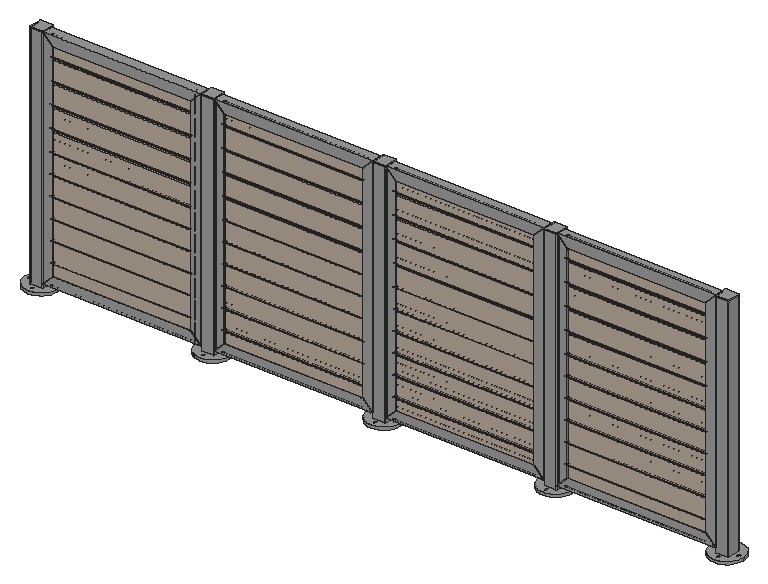
Revit family "PLAYSAFE_VINYL_PLANK_SEMI-PRIVATE_PANEL_ARRAY", category Specialty Equipment, Revit 2026 (continued)
Definition of nested family "Nested_Component-Louvers-Palmshield-Playsafe-Semi_Private-Vinyl"
  Forms (in)
    Sweep 2, solid, material <- "Material", detail levels medium+fine
      profile "Profile-Palmshield-Louver1 : 7/8" X 6" VINYL INFILL SLAT" origin (0, 0, 26.43357) x (0, -1, 0) y (1, 0, 0)
        loop
          arc (-0.125, -0.375) -> (-0.08081, -0.35669) -> (-0.0625, -0.3125) r 0.0625
          line (-0.0625, -0.3125) -> (-0.0625, 0.3125)
          arc (-0.0625, 0.3125) -> (-0.08081, 0.35669) -> (-0.125, 0.375) r 0.0625
          line (-0.125, 0.375) -> (-2, 0.375)
        loop
          line (-3.96875, 0.375) -> (-3.96875, -0.375) -> (-2.03125, -0.375) -> (-2.03125, 0.375) -> (-3.96875, 0.375)
        loop
          arc (-5.9375, -0.3125) -> (-5.91919, -0.35669) -> (-5.875, -0.375) r 0.0625
          line (-5.875, -0.375) -> (-4, -0.375) -> (-4, 0.375) -> (-5.875, 0.375)
          arc (-5.875, 0.375) -> (-5.91919, 0.35669) -> (-5.9375, 0.3125) r 0.0625
          line (-5.9375, 0.3125) -> (-5.9375, -0.3125)
        loop
          arc (-6, -0.3125) -> (-5.96339, -0.40089) -> (-5.875, -0.4375) r 0.125
          line (-5.875, -0.4375) -> (-0.125, -0.4375)
          arc (-0.125, -0.4375) -> (-0.03661, -0.40089) -> (0, -0.3125) r 0.125
          line (0, -0.3125) -> (0, 0.3125)
          arc (0, 0.3125) -> (-0.03661, 0.40089) -> (-0.125, 0.4375) r 0.125
          line (-0.125, 0.4375) -> (-5.875, 0.4375)
          arc (-5.875, 0.4375) -> (-5.96339, 0.40089) -> (-6, 0.3125) r 0.125
          line (-6, 0.3125) -> (-6, -0.3125)
    Extrusion 3, solid, material <- "Material", detail levels coarse
      sketch origin (0, 0, 0) x (1, 0, 0) y (0, 1, 0)
        loop
          line (0.3125, 6) -> (-0.3125, 6)
          arc (-0.3125, 6) -> (-0.40089, 5.96339) -> (-0.4375, 5.875) r 0.125
          line (-0.4375, 5.875) -> (-0.4375, 0.125)
          arc (-0.4375, 0.125) -> (-0.40089, 0.03661) -> (-0.3125, 0) r 0.125
          line (-0.3125, 0) -> (0.3125, 0)
          arc (0.3125, 0) -> (0.40089, 0.03661) -> (0.4375, 0.125) r 0.125
          line (0.4375, 0.125) -> (0.4375, 5.875)
          arc (0.4375, 5.875) -> (0.40089, 5.96339) -> (0.3125, 6) r 0.125
      from 0 to 52.86713
  Dimensions and locks (in)
    "Length": plane 4 to plane 2
    aligned and locked: plane 2 to Extrusion 1
    aligned and locked: level to Extrusion 1
    aligned and locked: plane 4 to Sweep 2 sketch curve
    aligned and locked: plane 4 to Extrusion 3
  Automatic sketch dimensions
    Extrusion 1 sketch curve to Extrusion 1 sketch curve = 8' - 0"  (x2)
    Sweep 2 sketch curve to plane 1 "Center (Front/Back)" = 0' - 0"
    Sweep 2 sketch curve to level = 0' - 0"
    plane 1 "Center (Front/Back)" to Extrusion 3 sketch curve = 0' - 0"
    plane 5 to Extrusion 3 sketch curve = 0' - 0"
    plane 5 to Extrusion 3 sketch curve = 0' - 0 1/8"  (x2)
    Extrusion 3 sketch curve to plane 3 "Center (Left/Right)" = 0' - 0 7/16"
    Extrusion 3 sketch curve to Extrusion 3 sketch curve = 0' - 0 1/8"
    plane 3 "Center (Left/Right)" to Extrusion 3 sketch curve = 0' - 0 5/16"  (x2)
Definition of nested family "Screening-Louver-Assembly-Post-Palmshield-Playsafe-Semi_Private-Aluminum"
  Parameters (values of type "10" x 3/4"")
    Width = if(Constraints = 1, 0' 10", 1' 2")  # 0' - 10"
    Warranty URL = "https://palmshieldlouvers.com/wp-content/uploads/2020/01/PalmSHIELD-Warranty-NO-SIGN-LINE.pdf"
    Version = "2020 - v1.0a"  # constant formula
    URL = "https://palmshieldlouvers.com/"
    Thickness = 0' - 0 3/4"  # constant formula
    Product Page URL = "https://palmshieldlouvers.com/products/playsafe-semi-private/"
    Product Documentation Link = "Contact Manufacturer for More Information"
    Model = "LED Backlit Laser Cut"  # constant formula
    Material [instance] = none
    Manufacturer Phone Number = "531-329-4406 "  # constant formula
    Manufacturer Fax Number = "Consult Manufacturer Website for More Information"  # constant formula
    Manufacturer Email = "mailto: info@palmshieldlouvers.com"
    Manufacturer Address = "12330 Cary Circle, La Vista, NE 68128"  # constant formula
    Manufacturer = "PalmSHIELD"  # constant formula
    Keynote = "05 10 00"
    Instruction Sheet Link = "https://palmshieldlouvers.com/wp-content/uploads/2020/01/PalmSHIELD-Post-Panel-Gate-Installation-Instructions-REV-1.pdf"
    ID [instance] = ""
    Hole Diameter = 0' - 0 3/4"  # constant formula
    Height = 0' - 10"  # constant formula
    Description = "Playsafe Semi Private - Round Base Plate"  # constant formula
    Default Elevation = 4' - 0"
    Copyright = "Copyright ©2024 The American Fence Company and PalmSHIELD. All Rights Reserved."  # constant formula
    Constraints = 1
    Component Name [instance] = "Playsafe Semi Private - Aluminum - Round Base Plate"  # constant formula
    C Hole Offset = 0' - 1 1/2"  # constant formula
    Assembly Code = "F1020100"
Definition of nested family "Screening-Louver-Assembly-Panel-Palmshield-Playsafe-Semi_Private-Vinyl"
  Parameters (values of type "7/8" X 6" VINYL INFILL (COLOR TBD BY DESIGNER)")
    Width = 0' - 6"  # constant formula
    Warranty URL = "https://palmshieldlouvers.com/wp-content/uploads/2020/01/PalmSHIELD-Warranty-NO-SIGN-LINE.pdf"
    Version = "2020 - v1.0a"  # constant formula
    URL = "https://palmshieldlouvers.com/"
    Thickness = 0' - 0 7/8"  # constant formula
    Product Page URL = "https://palmshieldlouvers.com/products/playsafe-semi-private/"
    Product Documentation Link = "Contact Manufacturer for More Information"
    Model = "Playsafe Semi-Private"  # constant formula
    Material [instance] = none
    Manufacturer Phone Number = "531-329-4406 "  # constant formula
    Manufacturer Fax Number = "Consult Manufacturer Website for More Information"  # constant formula
    Manufacturer Email = "mailto: info@palmshieldlouvers.com"
    Manufacturer Address = "12330 Cary Circle, La Vista, NE 68128"  # constant formula
    Manufacturer = "PalmSHIELD"  # constant formula
    Length [instance] = 4' - 4.86713"
    Keynote = "05 10 00"
    Instruction Sheet Link = "https://palmshieldlouvers.com/wp-content/uploads/2020/01/PalmSHIELD-Post-Panel-Gate-Installation-Instructions-REV-1.pdf"
    ID [instance] = ""
    Description = "Playsafe Semi-Private - Vinyl - Louvers"  # constant formula
    Default Elevation = 4' - 0"
    Copyright = "Copyright ©2024 The American Fence Company and PalmSHIELD. All Rights Reserved."  # constant formula
    Constraints = 1  # constant formula
    Component Name [instance] = "Playsafe Semi-Private - Vinyl - Louvers"  # constant formula
    Assembly Code = "F1020100"
